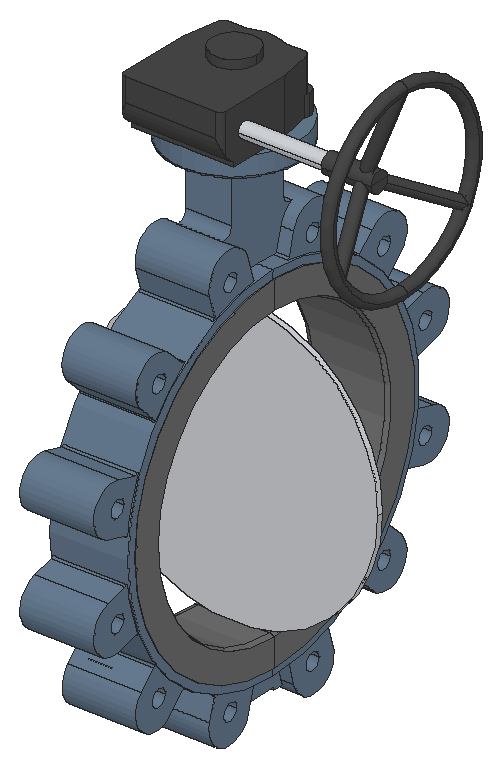
Revit family "HERZ Isolating Butterfly Valves AF-4219 with gearbox", category Rohrzubehör, Revit 2021 (continued)
Dimensions and locks
  "L03": plane 3 "Mitte (Links/rechts)" to Revolve 6 sketch curve
  "L02": Revolve 6 sketch curve to plane 3 "Mitte (Links/rechts)"
  "L03": Revolve 6 sketch curve to plane 3 "Mitte (Links/rechts)"
  "L01": plane 3 "Mitte (Links/rechts)" to Revolve 1 sketch curve
  "D02": Revolve 1 sketch curve to plane 2
  "L02": plane 3 "Mitte (Links/rechts)" to Revolve 6 sketch curve
  "D03": plane 2 to Revolve 6 sketch curve
  "L04": Revolve 6 sketch curve to plane 3 "Mitte (Links/rechts)" to Revolve 6 sketch curve
  "L01": curve 2 to plane 3 "Mitte (Links/rechts)" to curve 4
  equal spacing: curve 3, curve 6, curve 1
  equal spacing: curve 2, curve 6, curve 4
  "D01": curve 1 to plane 1 "Mitte (Vorne/hinten)" to curve 3
  "L01": curve 7 to curve 12 to curve 9
  "D01": curve 10 to curve 12 to curve 8
  "R99": radius of Revolve 2 sketch curve
  "D06": radius of Extrusion 7 sketch curve
  radius of curve 6 = 5 mm
  radius of curve 12 = 5 mm
  aligned and locked: level to plane 2
Automatic sketch dimensions
  Extrusion 3 sketch curve to Extrusion 3 sketch curve = 0 mm  (x20)
  Extrusion 3 sketch curve to level = 0 mm
  Extrusion 3 sketch curve to plane 1 "Mitte (Vorne/hinten)" = 0 mm
  plane 1 "Mitte (Vorne/hinten)" to Extrusion 3 sketch curve = 18.495 mm  (x2)
  Extrusion 3 sketch curve to Extrusion 3 sketch curve = 1.414 mm  (x16)
  Extrusion 3 sketch curve to Extrusion 3 sketch curve = 12.265 mm  (x8)
  Extrusion 3 sketch curve to level = 19.909 mm  (x2)
  Extrusion 3 sketch curve to Extrusion 3 sketch curve = 24.042 mm  (x8)
  level to Extrusion 3 sketch curve = 19.909 mm  (x2)
  Extrusion 3 sketch curve to Extrusion 3 sketch curve = 12.021 mm  (x12)
  Extrusion 3 sketch curve to plane 1 "Mitte (Vorne/hinten)" = 18.495 mm  (x2)
  Extrusion 3 sketch curve to Extrusion 3 sketch curve = 0.934 mm  (x4)
  Extrusion 4 sketch curve to level = 0 mm
  Extrusion 4 sketch curve to plane 1 "Mitte (Vorne/hinten)" = 0 mm
  plane 1 "Mitte (Vorne/hinten)" to Extrusion 4 sketch curve = 18.495 mm
  Extrusion 4 sketch curve to Extrusion 4 sketch curve = 1.414 mm  (x4)
  plane 1 "Mitte (Vorne/hinten)" to Extrusion 4 sketch curve = 20 mm
  Extrusion 4 sketch curve to Extrusion 4 sketch curve = 12.265 mm  (x2)
  Extrusion 4 sketch curve to Extrusion 4 sketch curve = 15 mm  (x2)
  Extrusion 4 sketch curve to Extrusion 4 sketch curve = 12.021 mm  (x4)
  Extrusion 4 sketch curve to plane 1 "Mitte (Vorne/hinten)" = 18.495 mm
  Extrusion 4 sketch curve to plane 1 "Mitte (Vorne/hinten)" = 20 mm
  level to Extrusion 4 sketch curve = 43.95 mm
  Extrusion 4 sketch curve to Extrusion 4 sketch curve = 0 mm
  Extrusion 4 sketch curve to Extrusion 4 sketch curve = 0.244 mm  (x2)
  Extrusion 4 sketch curve to Extrusion 4 sketch curve = 18.63 mm  (x2)
  Extrusion 4 sketch curve to Extrusion 4 sketch curve = 0.934 mm
  Extrusion 5 sketch curve to level = 0 mm
  Extrusion 5 sketch curve to plane 1 "Mitte (Vorne/hinten)" = 0 mm
  plane 1 "Mitte (Vorne/hinten)" to Extrusion 5 sketch curve = 15 mm
  Extrusion 5 sketch curve to Extrusion 5 sketch curve = 1.963 mm  (x2)
  Extrusion 5 sketch curve to Extrusion 5 sketch curve = 1.531 mm  (x2)
  Extrusion 5 sketch curve to Extrusion 5 sketch curve = 1.414 mm  (x4)
  Extrusion 5 sketch curve to Extrusion 5 sketch curve = 15.21 mm  (x2)
  Extrusion 5 sketch curve to Extrusion 5 sketch curve = 1.66 mm  (x2)
  Extrusion 5 sketch curve to Extrusion 5 sketch curve = 12.021 mm  (x3)
  Extrusion 5 sketch curve to plane 1 "Mitte (Vorne/hinten)" = 15 mm
  Extrusion 5 sketch curve to Extrusion 5 sketch curve = 1.037 mm  (x2)
  Extrusion 5 sketch curve to Extrusion 5 sketch curve = 1.4 mm  (x2)
  Extrusion 5 sketch curve to Extrusion 5 sketch curve = 1.785 mm  (x2)
  Extrusion 5 sketch curve to Extrusion 5 sketch curve = 12.635 mm  (x2)
  Extrusion 5 sketch curve to Extrusion 5 sketch curve = 0.934 mm
  Extrusion 5 sketch curve to Extrusion 5 sketch curve = 0.788 mm  (x2)
  Extrusion 5 sketch curve to Extrusion 5 sketch curve = 0 mm  (x2)
  Extrusion 4 sketch curve to Extrusion 4 sketch curve = 37.155 mm
  Extrusion 5 sketch curve to level = 43.95 mm
  Extrusion 8 sketch curve to Extrusion 8 sketch curve = 0 mm  (x12)
  Extrusion 8 sketch curve to level = 39.244 mm  (x2)
  plane 1 "Mitte (Vorne/hinten)" to Extrusion 8 sketch curve = 63.286 mm
  level to Extrusion 8 sketch curve = 39.244 mm  (x2)
  Extrusion 8 sketch curve to Extrusion 8 sketch curve = 9.19 mm  (x2)
  level to Extrusion 8 sketch curve = 28.614 mm  (x2)
  Extrusion 8 sketch curve to Extrusion 8 sketch curve = 1.441 mm  (x8)
  Extrusion 8 sketch curve to level = 28.614 mm  (x2)
  Extrusion 8 sketch curve to Extrusion 8 sketch curve = 12.021 mm  (x6)
  level to Extrusion 8 sketch curve = 63.286 mm  (x2)
  Extrusion 8 sketch curve to level = 63.286 mm  (x2)
  level to Extrusion 8 sketch curve = 52.636 mm  (x2)
  Extrusion 8 sketch curve to Extrusion 8 sketch curve = 10.65 mm  (x4)
  Extrusion 8 sketch curve to level = 52.636 mm  (x2)
  Extrusion 8 sketch curve to Extrusion 8 sketch curve = 1.414 mm  (x8)
  level to Extrusion 8 sketch curve = 0.001 mm  (x2)
  Extrusion 8 sketch curve to Extrusion 8 sketch curve = 28.594 mm
  Extrusion 8 sketch curve to level = 0.001 mm  (x2)
  Extrusion 8 sketch curve to Extrusion 8 sketch curve = 0.001 mm  (x2)
  Extrusion 8 sketch curve to Extrusion 8 sketch curve = 54.361 mm  (x2)
  Extrusion 8 sketch curve to Extrusion 8 sketch curve = 1.39 mm  (x2)
  Extrusion 8 sketch curve to Extrusion 8 sketch curve = 10.63 mm  (x2)
  Extrusion 8 sketch curve to Extrusion 8 sketch curve = 1.832 mm  (x2)
  Extrusion 9 sketch curve to Extrusion 9 sketch curve = 0 mm  (x5)
  Extrusion 9 sketch curve to level = 0 mm
  Extrusion 9 sketch curve to level = 51.265 mm
  plane 1 "Mitte (Vorne/hinten)" to Extrusion 9 sketch curve = 51.265 mm
  level to Extrusion 9 sketch curve = 51.265 mm
  Extrusion 9 sketch curve to Extrusion 9 sketch curve = 9.247 mm  (x3)
  Extrusion 9 sketch curve to level = 63.286 mm  (x2)
  Extrusion 9 sketch curve to Extrusion 9 sketch curve = 2.774 mm  (x4)
  level to Extrusion 9 sketch curve = 63.286 mm  (x2)
  Extrusion 9 sketch curve to Extrusion 9 sketch curve = 2.244 mm  (x2)
  Extrusion 9 sketch curve to Extrusion 9 sketch curve = 0.183 mm  (x2)
  level to Extrusion 9 sketch curve = 52.636 mm  (x2)
  Extrusion 9 sketch curve to Extrusion 9 sketch curve = 10.65 mm  (x3)
  Extrusion 9 sketch curve to level = 52.636 mm  (x2)
  Extrusion 9 sketch curve to Extrusion 9 sketch curve = 1.414 mm  (x8)
  Extrusion 9 sketch curve to Extrusion 9 sketch curve = 14.817 mm  (x2)
  Extrusion 9 sketch curve to Extrusion 9 sketch curve = 7.21 mm
  Extrusion 9 sketch curve to Extrusion 9 sketch curve = 1.971 mm
  Extrusion 9 sketch curve to Extrusion 9 sketch curve = 28.595 mm
  Extrusion 9 sketch curve to Extrusion 9 sketch curve = 36 mm
  Extrusion 9 sketch curve to Extrusion 9 sketch curve = 1.997 mm
  Extrusion 9 sketch curve to Extrusion 9 sketch curve = 44 mm
  Extrusion 9 sketch curve to Extrusion 9 sketch curve = 5.181 mm
  Extrusion 9 sketch curve to Extrusion 9 sketch curve = 7.184 mm
  Extrusion 9 sketch curve to Extrusion 9 sketch curve = 12.021 mm  (x2)
  Extrusion 9 sketch curve to Extrusion 9 sketch curve = 14.891 mm
  Extrusion 9 sketch curve to Extrusion 9 sketch curve = 6.473 mm
  Extrusion 9 sketch curve to Extrusion 9 sketch curve = 12.756 mm  (x2)
  Extrusion 9 sketch curve to Extrusion 9 sketch curve = 55.987 mm
  Extrusion 10 sketch curve to Extrusion 10 sketch curve = 0 mm  (x48)
  level to Extrusion 10 sketch curve = 14.909 mm  (x2)
  plane 1 "Mitte (Vorne/hinten)" to Extrusion 10 sketch curve = 80.416 mm
  Extrusion 10 sketch curve to level = 14.909 mm  (x2)
  Extrusion 10 sketch curve to Extrusion 10 sketch curve = 6.506 mm  (x6)
  Extrusion 10 sketch curve to level = 46.321 mm  (x2)
  level to Extrusion 10 sketch curve = 46.321 mm  (x2)
  Extrusion 10 sketch curve to level = 7.243 mm
  Extrusion 10 sketch curve to Extrusion 10 sketch curve = 13.321 mm
  level to Extrusion 10 sketch curve = 7.243 mm
  Extrusion 10 sketch curve to level = 9.076 mm  (x2)
  Extrusion 10 sketch curve to Extrusion 10 sketch curve = 0.759 mm  (x8)
  level to Extrusion 10 sketch curve = 9.076 mm  (x2)
  level to Extrusion 10 sketch curve = 40.487 mm  (x2)
  Extrusion 10 sketch curve to Extrusion 10 sketch curve = 14.082 mm  (x4)
  Extrusion 10 sketch curve to level = 40.487 mm  (x2)
  Extrusion 10 sketch curve to Extrusion 10 sketch curve = 0.758 mm  (x8)
  level to Extrusion 10 sketch curve = 67.405 mm  (x2)
  Extrusion 10 sketch curve to Extrusion 10 sketch curve = 6.243 mm  (x2)
  Extrusion 10 sketch curve to level = 67.405 mm  (x2)
  Extrusion 10 sketch curve to Extrusion 10 sketch curve = 10.245 mm  (x4)
  level to Extrusion 10 sketch curve = 53.322 mm  (x2)
  Extrusion 10 sketch curve to Extrusion 10 sketch curve = 1.831 mm  (x8)
  Extrusion 10 sketch curve to level = 53.322 mm  (x2)
  Extrusion 10 sketch curve to Extrusion 10 sketch curve = 15.706 mm  (x6)
  level to Extrusion 10 sketch curve = 80.416 mm  (x2)
  Extrusion 10 sketch curve to level = 80.416 mm  (x2)
  Extrusion 10 sketch curve to level = 66.335 mm  (x2)
  Extrusion 10 sketch curve to Extrusion 10 sketch curve = 5.832 mm  (x4)
  level to Extrusion 10 sketch curve = 66.335 mm  (x2)
  Extrusion 10 sketch curve to Extrusion 10 sketch curve = 1.833 mm  (x6)
  level to Extrusion 10 sketch curve = 0 mm
  Extrusion 10 sketch curve to Extrusion 10 sketch curve = 14.486 mm  (x2)
  Extrusion 10 sketch curve to Extrusion 10 sketch curve = 9.873 mm  (x2)
  Extrusion 10 sketch curve to Extrusion 10 sketch curve = 5.833 mm  (x2)
  Extrusion 10 sketch curve to Extrusion 10 sketch curve = 13.013 mm
  Extrusion 10 sketch curve to Extrusion 10 sketch curve = 14.081 mm  (x2)
  Extrusion 10 sketch curve to Extrusion 10 sketch curve = 1.973 mm  (x4)
  Extrusion 10 sketch curve to Extrusion 10 sketch curve = 1.544 mm  (x4)
  Extrusion 10 sketch curve to Extrusion 10 sketch curve = 1.243 mm  (x3)
  Extrusion 10 sketch curve to Extrusion 10 sketch curve = 0.211 mm  (x2)
  Extrusion 10 sketch curve to Extrusion 10 sketch curve = 0.002 mm  (x5)
  Extrusion 10 sketch curve to Extrusion 10 sketch curve = 0.213 mm  (x2)
  Extrusion 10 sketch curve to Extrusion 10 sketch curve = 41.076 mm
  Extrusion 10 sketch curve to level = 0 mm
  level to Extrusion 11 sketch curve = 100.814 mm
  plane 1 "Mitte (Vorne/hinten)" to Extrusion 11 sketch curve = 32 mm
  Extrusion 11 sketch curve to Extrusion 11 sketch curve = 1.385 mm
  Extrusion 11 sketch curve to Extrusion 11 sketch curve = 10 mm  (x2)
  Extrusion 11 sketch curve to level = 80.416 mm
  Extrusion 11 sketch curve to Extrusion 11 sketch curve = 15.706 mm  (x3)
  level to Extrusion 11 sketch curve = 80.416 mm  (x2)
  Extrusion 11 sketch curve to Extrusion 11 sketch curve = 1.409 mm
  Extrusion 11 sketch curve to level = 66.335 mm  (x2)
  Extrusion 11 sketch curve to Extrusion 11 sketch curve = 5.832 mm  (x3)
  level to Extrusion 11 sketch curve = 66.335 mm  (x2)
  Extrusion 11 sketch curve to Extrusion 11 sketch curve = 1.833 mm  (x4)
  level to Extrusion 11 sketch curve = 0.554 mm
  Extrusion 11 sketch curve to Extrusion 11 sketch curve = 9.076 mm
  Extrusion 11 sketch curve to level = 0.554 mm
  Extrusion 11 sketch curve to Extrusion 11 sketch curve = 0 mm  (x3)
  Extrusion 11 sketch curve to Extrusion 11 sketch curve = 14.486 mm  (x2)
  Extrusion 11 sketch curve to Extrusion 11 sketch curve = 44 mm
  Extrusion 11 sketch curve to Extrusion 11 sketch curve = 0.759 mm  (x4)
  Extrusion 11 sketch curve to Extrusion 11 sketch curve = 6.506 mm
  Extrusion 11 sketch curve to Extrusion 11 sketch curve = 42.686 mm
  Extrusion 11 sketch curve to level = 80.371 mm
  Extrusion 11 sketch curve to Extrusion 11 sketch curve = 1.39 mm
  Extrusion 11 sketch curve to Extrusion 11 sketch curve = 27 mm
  Extrusion 12 sketch curve to Extrusion 12 sketch curve = 0 mm  (x40)
  Extrusion 12 sketch curve to level = 0 mm
  level to Extrusion 12 sketch curve = 18.736 mm  (x2)
  plane 1 "Mitte (Vorne/hinten)" to Extrusion 12 sketch curve = 89.655 mm
  Extrusion 12 sketch curve to level = 18.736 mm  (x2)
  Extrusion 12 sketch curve to Extrusion 12 sketch curve = 6.506 mm  (x6)
  Extrusion 12 sketch curve to level = 50.147 mm  (x2)
  level to Extrusion 12 sketch curve = 50.147 mm  (x2)
  Extrusion 12 sketch curve to Extrusion 12 sketch curve = 13.415 mm  (x2)
  Extrusion 12 sketch curve to level = 12.858 mm  (x2)
  Extrusion 12 sketch curve to Extrusion 12 sketch curve = 0.776 mm  (x8)
  level to Extrusion 12 sketch curve = 12.858 mm  (x2)
  Extrusion 12 sketch curve to level = 44.269 mm  (x2)
  Extrusion 12 sketch curve to Extrusion 12 sketch curve = 14.192 mm  (x4)
  level to Extrusion 12 sketch curve = 44.269 mm  (x2)
  Extrusion 12 sketch curve to Extrusion 12 sketch curve = 0.775 mm  (x8)
  level to Extrusion 12 sketch curve = 76.644 mm  (x2)
  Extrusion 12 sketch curve to Extrusion 12 sketch curve = 11.529 mm  (x2)
  Extrusion 12 sketch curve to level = 76.644 mm  (x2)
  Extrusion 12 sketch curve to Extrusion 12 sketch curve = 4.008 mm  (x2)
  level to Extrusion 12 sketch curve = 62.451 mm  (x2)
  Extrusion 12 sketch curve to Extrusion 12 sketch curve = 1.871 mm  (x8)
  Extrusion 12 sketch curve to level = 62.451 mm  (x2)
  Extrusion 12 sketch curve to Extrusion 12 sketch curve = 15.706 mm  (x6)
  level to Extrusion 12 sketch curve = 89.655 mm  (x2)
  Extrusion 12 sketch curve to level = 89.655 mm  (x2)
  Extrusion 12 sketch curve to level = 75.464 mm  (x2)
  Extrusion 12 sketch curve to Extrusion 12 sketch curve = 5.878 mm  (x4)
  level to Extrusion 12 sketch curve = 75.464 mm  (x2)
  Extrusion 12 sketch curve to Extrusion 12 sketch curve = 1.873 mm  (x8)
  Extrusion 12 sketch curve to Extrusion 12 sketch curve = 21.969 mm  (x2)
  Extrusion 12 sketch curve to Extrusion 12 sketch curve = 9.827 mm  (x2)
  Extrusion 12 sketch curve to Extrusion 12 sketch curve = 5.879 mm  (x2)
  Extrusion 12 sketch curve to Extrusion 12 sketch curve = 15.537 mm  (x2)
  Extrusion 12 sketch curve to Extrusion 12 sketch curve = 13.013 mm
  Extrusion 12 sketch curve to Extrusion 12 sketch curve = 14.19 mm  (x2)
  Extrusion 12 sketch curve to Extrusion 12 sketch curve = 44.269 mm
  Extrusion 13 sketch curve to Extrusion 13 sketch curve = 0 mm  (x5)
  Extrusion 13 sketch curve to level = 0 mm
  level to Extrusion 13 sketch curve = 114.47 mm
  plane 1 "Mitte (Vorne/hinten)" to Extrusion 13 sketch curve = 41 mm
  Extrusion 13 sketch curve to level = 83.149 mm
  Extrusion 13 sketch curve to Extrusion 13 sketch curve = 6.558 mm  (x2)
  Extrusion 13 sketch curve to Extrusion 13 sketch curve = 15 mm  (x2)
  level to Extrusion 13 sketch curve = 89.655 mm  (x2)
  Extrusion 13 sketch curve to Extrusion 13 sketch curve = 15.706 mm  (x2)
  Extrusion 13 sketch curve to Extrusion 13 sketch curve = 5.236 mm  (x2)
  level to Extrusion 13 sketch curve = 75.464 mm  (x2)
  Extrusion 13 sketch curve to Extrusion 13 sketch curve = 5.878 mm  (x3)
  Extrusion 13 sketch curve to level = 75.464 mm  (x2)
  Extrusion 13 sketch curve to Extrusion 13 sketch curve = 1.873 mm  (x4)
  Extrusion 13 sketch curve to Extrusion 13 sketch curve = 12.858 mm
  Extrusion 13 sketch curve to Extrusion 13 sketch curve = 21.969 mm
  Extrusion 13 sketch curve to Extrusion 13 sketch curve = 3.345 mm
  Extrusion 13 sketch curve to Extrusion 13 sketch curve = 3 mm  (x2)
  Extrusion 13 sketch curve to Extrusion 13 sketch curve = 6.506 mm  (x3)
  Extrusion 13 sketch curve to Extrusion 13 sketch curve = 0.776 mm  (x4)
  Extrusion 13 sketch curve to Extrusion 13 sketch curve = 31.321 mm
  Extrusion 13 sketch curve to Extrusion 13 sketch curve = 52.53 mm
  Extrusion 13 sketch curve to Extrusion 13 sketch curve = 11.129 mm  (x2)
  Extrusion 13 sketch curve to Extrusion 13 sketch curve = 9.812 mm  (x2)
  Extrusion 13 sketch curve to Extrusion 13 sketch curve = 3.078 mm
  Extrusion 13 sketch curve to Extrusion 13 sketch curve = 21.68 mm
  Extrusion 13 sketch curve to Extrusion 13 sketch curve = 2.515 mm
  Extrusion 13 sketch curve to Extrusion 13 sketch curve = 52 mm
  Extrusion 14 sketch curve to Extrusion 14 sketch curve = 0 mm  (x22)
  Extrusion 14 sketch curve to level = 24.476 mm  (x2)
  plane 1 "Mitte (Vorne/hinten)" to Extrusion 14 sketch curve = 103.513 mm
  level to Extrusion 14 sketch curve = 24.476 mm  (x2)
  Extrusion 14 sketch curve to Extrusion 14 sketch curve = 6.506 mm  (x6)
  Extrusion 14 sketch curve to Extrusion 14 sketch curve = 11.623 mm  (x2)
  Extrusion 14 sketch curve to level = 19.351 mm  (x2)
  Extrusion 14 sketch curve to Extrusion 14 sketch curve = 0.749 mm  (x8)
  level to Extrusion 14 sketch curve = 19.351 mm  (x2)
  Extrusion 14 sketch curve to level = 55.888 mm  (x2)
  level to Extrusion 14 sketch curve = 55.888 mm  (x2)
  Extrusion 14 sketch curve to level = 50.783 mm  (x2)
  Extrusion 14 sketch curve to Extrusion 14 sketch curve = 12.323 mm  (x4)
  level to Extrusion 14 sketch curve = 50.783 mm  (x2)
  Extrusion 14 sketch curve to Extrusion 14 sketch curve = 0.774 mm  (x8)
  level to Extrusion 14 sketch curve = 90.502 mm  (x2)
  Extrusion 14 sketch curve to Extrusion 14 sketch curve = 21.517 mm  (x2)
  Extrusion 14 sketch curve to level = 90.502 mm  (x2)
  Extrusion 14 sketch curve to Extrusion 14 sketch curve = 3.235 mm  (x2)
  Extrusion 14 sketch curve to level = 78.179 mm  (x2)
  Extrusion 14 sketch curve to Extrusion 14 sketch curve = 1.869 mm  (x8)
  level to Extrusion 14 sketch curve = 78.179 mm  (x2)
  Extrusion 14 sketch curve to Extrusion 14 sketch curve = 15.706 mm  (x6)
  level to Extrusion 14 sketch curve = 103.513 mm  (x2)
  Extrusion 14 sketch curve to level = 103.513 mm  (x2)
  level to Extrusion 14 sketch curve = 91.141 mm  (x2)
  Extrusion 14 sketch curve to Extrusion 14 sketch curve = 5.125 mm  (x4)
  Extrusion 14 sketch curve to level = 91.141 mm  (x2)
  Extrusion 14 sketch curve to Extrusion 14 sketch curve = 1.809 mm  (x8)
  Extrusion 14 sketch curve to level = 0.103 mm  (x2)
  Extrusion 14 sketch curve to Extrusion 14 sketch curve = 90.896 mm
  level to Extrusion 14 sketch curve = 0.103 mm  (x2)
  Extrusion 14 sketch curve to Extrusion 14 sketch curve = 0.142 mm  (x7)
  Extrusion 14 sketch curve to Extrusion 14 sketch curve = 0.207 mm  (x2)
  Extrusion 14 sketch curve to Extrusion 14 sketch curve = 35.084 mm  (x2)
  Extrusion 14 sketch curve to Extrusion 14 sketch curve = 10.601 mm  (x2)
  Extrusion 14 sketch curve to Extrusion 14 sketch curve = 5.104 mm  (x2)
  Extrusion 14 sketch curve to Extrusion 14 sketch curve = 24.752 mm  (x2)
  Extrusion 14 sketch curve to Extrusion 14 sketch curve = 12.962 mm  (x2)
  Extrusion 14 sketch curve to Extrusion 14 sketch curve = 12.372 mm  (x2)
  Extrusion 14 sketch curve to level = 0.245 mm
  Extrusion 14 sketch curve to Extrusion 14 sketch curve = 1.933 mm  (x2)
  Extrusion 14 sketch curve to Extrusion 14 sketch curve = 0.314 mm  (x2)
  level to Extrusion 15 sketch curve = 97.007 mm
  plane 1 "Mitte (Vorne/hinten)" to Extrusion 15 sketch curve = 40.182 mm
  Extrusion 15 sketch curve to level = 97.007 mm
  Extrusion 15 sketch curve to Extrusion 15 sketch curve = 0 mm  (x7)
  Extrusion 15 sketch curve to Extrusion 15 sketch curve = 4.132 mm
  Extrusion 15 sketch curve to Extrusion 15 sketch curve = 10.048 mm  (x2)
  Extrusion 15 sketch curve to Extrusion 15 sketch curve = 15.706 mm  (x3)
  level to Extrusion 15 sketch curve = 103.513 mm  (x2)
  level to Extrusion 15 sketch curve = 91.141 mm  (x2)
  Extrusion 15 sketch curve to Extrusion 15 sketch curve = 5.125 mm  (x3)
  Extrusion 15 sketch curve to level = 91.141 mm  (x2)
  Extrusion 15 sketch curve to Extrusion 15 sketch curve = 1.809 mm  (x4)
  Extrusion 15 sketch curve to Extrusion 15 sketch curve = 10.974 mm  (x2)
  Extrusion 15 sketch curve to level = 0.111 mm
  Extrusion 15 sketch curve to Extrusion 15 sketch curve = 19.35 mm
  level to Extrusion 15 sketch curve = 0.111 mm
  Extrusion 15 sketch curve to Extrusion 15 sketch curve = 35.081 mm
  Extrusion 15 sketch curve to Extrusion 15 sketch curve = 4.041 mm
  Extrusion 15 sketch curve to level = 103.513 mm
  Extrusion 15 sketch curve to Extrusion 15 sketch curve = 9.998 mm  (x2)
  Extrusion 15 sketch curve to Extrusion 15 sketch curve = 3 mm
  Extrusion 15 sketch curve to Extrusion 15 sketch curve = 6.505 mm  (x2)
  Extrusion 15 sketch curve to Extrusion 15 sketch curve = 0.749 mm  (x4)
  Extrusion 15 sketch curve to Extrusion 15 sketch curve = 20.176 mm  (x2)
  Extrusion 15 sketch curve to Extrusion 15 sketch curve = 62.311 mm
  Extrusion 15 sketch curve to Extrusion 15 sketch curve = 0.048 mm
  Extrusion 15 sketch curve to Extrusion 15 sketch curve = 11.626 mm  (x2)
  Extrusion 15 sketch curve to Extrusion 15 sketch curve = 27 mm
  Extrusion 15 sketch curve to Extrusion 15 sketch curve = 52 mm
  Extrusion 16 sketch curve to Extrusion 16 sketch curve = 0 mm  (x23)
  Extrusion 16 sketch curve to level = 26.521 mm  (x2)
  plane 1 "Mitte (Vorne/hinten)" to Extrusion 16 sketch curve = 118.902 mm
  level to Extrusion 16 sketch curve = 26.521 mm  (x2)
  Extrusion 16 sketch curve to Extrusion 16 sketch curve = 8.036 mm  (x6)
  Extrusion 16 sketch curve to Extrusion 16 sketch curve = 15.875 mm  (x2)
  level to Extrusion 16 sketch curve = 65.323 mm  (x2)
  Extrusion 16 sketch curve to level = 65.323 mm  (x2)
  level to Extrusion 16 sketch curve = 19.621 mm  (x2)
  Extrusion 16 sketch curve to Extrusion 16 sketch curve = 0.782 mm  (x8)
  Extrusion 16 sketch curve to level = 19.621 mm  (x2)
  Extrusion 16 sketch curve to level = 58.409 mm  (x2)
  Extrusion 16 sketch curve to Extrusion 16 sketch curve = 16.693 mm  (x4)
  level to Extrusion 16 sketch curve = 58.409 mm  (x2)
  Extrusion 16 sketch curve to Extrusion 16 sketch curve = 0.763 mm  (x8)
  Extrusion 16 sketch curve to level = 102.829 mm  (x2)
  Extrusion 16 sketch curve to Extrusion 16 sketch curve = 20.05 mm  (x2)
  level to Extrusion 16 sketch curve = 102.829 mm  (x2)
  Extrusion 16 sketch curve to Extrusion 16 sketch curve = 5.074 mm  (x2)
  level to Extrusion 16 sketch curve = 86.136 mm  (x2)
  Extrusion 16 sketch curve to Extrusion 16 sketch curve = 1.841 mm  (x8)
  Extrusion 16 sketch curve to level = 86.136 mm  (x2)
  Extrusion 16 sketch curve to Extrusion 16 sketch curve = 19.401 mm  (x6)
  level to Extrusion 16 sketch curve = 118.902 mm  (x2)
  Extrusion 16 sketch curve to level = 118.902 mm  (x2)
  level to Extrusion 16 sketch curve = 102.246 mm  (x2)
  Extrusion 16 sketch curve to Extrusion 16 sketch curve = 6.899 mm  (x4)
  Extrusion 16 sketch curve to level = 102.246 mm  (x2)
  Extrusion 16 sketch curve to Extrusion 16 sketch curve = 1.887 mm  (x8)
  level to Extrusion 16 sketch curve = 0.002 mm  (x2)
  Extrusion 16 sketch curve to Extrusion 16 sketch curve = 86.133 mm
  Extrusion 16 sketch curve to level = 0.002 mm
  Extrusion 16 sketch curve to Extrusion 16 sketch curve = 0.001 mm  (x8)
  Extrusion 16 sketch curve to Extrusion 16 sketch curve = 35.469 mm  (x2)
  Extrusion 16 sketch curve to Extrusion 16 sketch curve = 12.487 mm  (x2)
  Extrusion 16 sketch curve to Extrusion 16 sketch curve = 6.914 mm  (x2)
  Extrusion 16 sketch curve to Extrusion 16 sketch curve = 25.124 mm  (x2)
  Extrusion 16 sketch curve to Extrusion 16 sketch curve = 16.11 mm
  Extrusion 16 sketch curve to Extrusion 16 sketch curve = 16.656 mm  (x2)
  Extrusion 16 sketch curve to level = 0.003 mm
  Extrusion 16 sketch curve to Extrusion 16 sketch curve = 2.019 mm  (x2)
  Extrusion 16 sketch curve to Extrusion 16 sketch curve = 0.309 mm  (x2)
  Extrusion 16 sketch curve to Extrusion 16 sketch curve = 0.004 mm  (x2)
  Extrusion 17 sketch curve to Extrusion 17 sketch curve = 0 mm  (x7)
  Extrusion 17 sketch curve to level = 0 mm
  Extrusion 17 sketch curve to plane 1 "Mitte (Vorne/hinten)" = 0 mm
  plane 1 "Mitte (Vorne/hinten)" to Extrusion 17 sketch curve = 13.5 mm
  plane 1 "Mitte (Vorne/hinten)" to Extrusion 17 sketch curve = 17.734 mm  (x2)
  Extrusion 17 sketch curve to Extrusion 17 sketch curve = 1.887 mm  (x4)
  plane 1 "Mitte (Vorne/hinten)" to Extrusion 17 sketch curve = 26 mm
  Extrusion 17 sketch curve to Extrusion 17 sketch curve = 0.521 mm
  Extrusion 17 sketch curve to Extrusion 17 sketch curve = 13.021 mm  (x2)
  Extrusion 17 sketch curve to Extrusion 17 sketch curve = 4.341 mm  (x2)
  Extrusion 17 sketch curve to Extrusion 17 sketch curve = 10 mm  (x2)
  Extrusion 17 sketch curve to Extrusion 17 sketch curve = 19.401 mm  (x4)
  Extrusion 17 sketch curve to plane 1 "Mitte (Vorne/hinten)" = 13.5 mm
  Extrusion 17 sketch curve to plane 1 "Mitte (Vorne/hinten)" = 17.734 mm  (x2)
  Extrusion 17 sketch curve to Extrusion 17 sketch curve = 6.899 mm
  Extrusion 17 sketch curve to level = 102.246 mm
  Extrusion 17 sketch curve to Extrusion 17 sketch curve = 0.782 mm  (x4)
  Extrusion 17 sketch curve to Extrusion 17 sketch curve = 8.62 mm  (x4)
  Extrusion 17 sketch curve to Extrusion 17 sketch curve = 16.656 mm  (x4)
  Extrusion 17 sketch curve to Extrusion 17 sketch curve = 3 mm
  level to Extrusion 17 sketch curve = 102.246 mm
  Extrusion 17 sketch curve to Extrusion 17 sketch curve = 16.098 mm  (x2)
  Extrusion 17 sketch curve to Extrusion 17 sketch curve = 64 mm
  Extrusion 17 sketch curve to Extrusion 17 sketch curve = 4.938 mm
  Extrusion 18 sketch curve to Extrusion 18 sketch curve = 0 mm  (x62)
  Extrusion 18 sketch curve to level = 0 mm
  Extrusion 18 sketch curve to level = 17.891 mm  (x2)
  plane 1 "Mitte (Vorne/hinten)" to Extrusion 18 sketch curve = 147.909 mm
  level to Extrusion 18 sketch curve = 17.891 mm  (x2)
  Extrusion 18 sketch curve to Extrusion 18 sketch curve = 5.435 mm  (x6)
  Extrusion 18 sketch curve to level = 58.46 mm  (x2)
  level to Extrusion 18 sketch curve = 58.46 mm  (x2)
  Extrusion 18 sketch curve to Extrusion 18 sketch curve = 15.462 mm  (x2)
  level to Extrusion 18 sketch curve = 13.612 mm  (x2)
  Extrusion 18 sketch curve to Extrusion 18 sketch curve = 0.509 mm  (x8)
  Extrusion 18 sketch curve to level = 13.612 mm  (x2)
  Extrusion 18 sketch curve to level = 54.199 mm  (x2)
  Extrusion 18 sketch curve to Extrusion 18 sketch curve = 15.903 mm  (x4)
  level to Extrusion 18 sketch curve = 54.199 mm  (x2)
  Extrusion 18 sketch curve to Extrusion 18 sketch curve = 0.53 mm  (x8)
  Extrusion 18 sketch curve to level = 89.449 mm  (x2)
  Extrusion 18 sketch curve to Extrusion 18 sketch curve = 1.459 mm  (x2)
  level to Extrusion 18 sketch curve = 89.449 mm  (x2)
  Extrusion 18 sketch curve to Extrusion 18 sketch curve = 10.302 mm  (x2)
  Extrusion 18 sketch curve to level = 77.758 mm  (x2)
  Extrusion 18 sketch curve to Extrusion 18 sketch curve = 1.389 mm  (x8)
  level to Extrusion 18 sketch curve = 77.758 mm  (x2)
  Extrusion 18 sketch curve to Extrusion 18 sketch curve = 14.849 mm  (x6)
  Extrusion 18 sketch curve to level = 119.147 mm  (x2)
  level to Extrusion 18 sketch curve = 119.147 mm  (x2)
  level to Extrusion 18 sketch curve = 107.506 mm  (x2)
  Extrusion 18 sketch curve to Extrusion 18 sketch curve = 11.642 mm  (x4)
  Extrusion 18 sketch curve to level = 107.506 mm  (x2)
  Extrusion 18 sketch curve to Extrusion 18 sketch curve = 1.448 mm  (x8)
  level to Extrusion 18 sketch curve = 137.039 mm  (x2)
  Extrusion 18 sketch curve to Extrusion 18 sketch curve = 17.899 mm  (x2)
  Extrusion 18 sketch curve to level = 137.039 mm  (x2)
  Extrusion 18 sketch curve to Extrusion 18 sketch curve = 2.283 mm  (x2)
  Extrusion 18 sketch curve to level = 121.136 mm  (x2)
  Extrusion 18 sketch curve to Extrusion 18 sketch curve = 1.978 mm  (x8)
  level to Extrusion 18 sketch curve = 121.136 mm  (x2)
  Extrusion 18 sketch curve to Extrusion 18 sketch curve = 20.284 mm  (x6)
  Extrusion 18 sketch curve to level = 147.909 mm  (x2)
  level to Extrusion 18 sketch curve = 147.909 mm  (x2)
  level to Extrusion 18 sketch curve = 131.939 mm  (x2)
  Extrusion 18 sketch curve to Extrusion 18 sketch curve = 4.279 mm  (x4)
  Extrusion 18 sketch curve to level = 131.939 mm  (x2)
  Extrusion 18 sketch curve to Extrusion 18 sketch curve = 1.898 mm  (x8)
  Extrusion 18 sketch curve to Extrusion 18 sketch curve = 13.612 mm
  Extrusion 18 sketch curve to Extrusion 18 sketch curve = 23.429 mm  (x2)
  Extrusion 18 sketch curve to Extrusion 18 sketch curve = 16.023 mm  (x2)
  Extrusion 18 sketch curve to Extrusion 18 sketch curve = 4.261 mm  (x2)
  Extrusion 18 sketch curve to Extrusion 18 sketch curve = 20.183 mm  (x2)
  Extrusion 18 sketch curve to Extrusion 18 sketch curve = 3.158 mm  (x2)
  Extrusion 18 sketch curve to Extrusion 18 sketch curve = 11.691 mm  (x2)
  Extrusion 18 sketch curve to Extrusion 18 sketch curve = 11.76 mm  (x2)
  Extrusion 18 sketch curve to Extrusion 18 sketch curve = 10.803 mm
  Extrusion 18 sketch curve to Extrusion 18 sketch curve = 15.97 mm  (x2)
  Extrusion 19 sketch curve to Extrusion 19 sketch curve = 0 mm  (x5)
  Extrusion 19 sketch curve to level = 0 mm
  Extrusion 19 sketch curve to level = 142.474 mm
  plane 1 "Mitte (Vorne/hinten)" to Extrusion 19 sketch curve = 38.176 mm
  level to Extrusion 19 sketch curve = 142.474 mm
  Extrusion 19 sketch curve to Extrusion 19 sketch curve = 8.163 mm
  Extrusion 19 sketch curve to Extrusion 19 sketch curve = 2.013 mm  (x2)
  Extrusion 19 sketch curve to level = 147.909 mm
  Extrusion 19 sketch curve to Extrusion 19 sketch curve = 20.284 mm  (x3)
  level to Extrusion 19 sketch curve = 147.909 mm  (x2)
  Extrusion 19 sketch curve to Extrusion 19 sketch curve = 10.109 mm
  Extrusion 19 sketch curve to level = 131.939 mm  (x2)
  Extrusion 19 sketch curve to Extrusion 19 sketch curve = 4.279 mm  (x4)
  level to Extrusion 19 sketch curve = 131.939 mm  (x2)
  Extrusion 19 sketch curve to Extrusion 19 sketch curve = 1.898 mm  (x4)
  Extrusion 19 sketch curve to Extrusion 19 sketch curve = 13.612 mm
  Extrusion 19 sketch curve to Extrusion 19 sketch curve = 23.429 mm  (x2)
  Extrusion 19 sketch curve to Extrusion 19 sketch curve = 56 mm
  Extrusion 19 sketch curve to Extrusion 19 sketch curve = 5.435 mm  (x2)
  Extrusion 19 sketch curve to Extrusion 19 sketch curve = 0.509 mm  (x4)
  Extrusion 19 sketch curve to Extrusion 19 sketch curve = 16.081 mm  (x2)
  Extrusion 19 sketch curve to Extrusion 19 sketch curve = 66.01 mm
  Extrusion 19 sketch curve to Extrusion 19 sketch curve = 1.832 mm  (x2)
  Extrusion 19 sketch curve to Extrusion 19 sketch curve = 0.173 mm
  Extrusion 20 sketch curve to level = 22.097 mm  (x2)
  plane 1 "Mitte (Vorne/hinten)" to Extrusion 20 sketch curve = 177.618 mm
  level to Extrusion 20 sketch curve = 22.097 mm  (x2)
  Extrusion 20 sketch curve to Extrusion 20 sketch curve = 0 mm  (x17)
  Extrusion 20 sketch curve to Extrusion 20 sketch curve = 6.47 mm  (x4)
  Extrusion 20 sketch curve to Extrusion 20 sketch curve = 2.415 mm  (x8)
  level to Extrusion 20 sketch curve = 70.393 mm  (x2)
  Extrusion 20 sketch curve to level = 70.393 mm  (x2)
  Extrusion 20 sketch curve to Extrusion 20 sketch curve = 18.556 mm  (x2)
  Extrusion 20 sketch curve to level = 16.983 mm  (x2)
  Extrusion 20 sketch curve to Extrusion 20 sketch curve = 0.529 mm  (x16)
  level to Extrusion 20 sketch curve = 16.983 mm  (x2)
  level to Extrusion 20 sketch curve = 65.28 mm  (x2)
  Extrusion 20 sketch curve to Extrusion 20 sketch curve = 19.085 mm  (x6)
  Extrusion 20 sketch curve to level = 65.28 mm  (x2)
  Extrusion 20 sketch curve to level = 107.956 mm  (x2)
  Extrusion 20 sketch curve to Extrusion 20 sketch curve = 2.085 mm  (x2)
  level to Extrusion 20 sketch curve = 107.956 mm  (x2)
  Extrusion 20 sketch curve to Extrusion 20 sketch curve = 12.527 mm  (x2)
  level to Extrusion 20 sketch curve = 93.984 mm  (x2)
  Extrusion 20 sketch curve to Extrusion 20 sketch curve = 1.445 mm  (x16)
  Extrusion 20 sketch curve to level = 93.984 mm  (x2)
  Extrusion 20 sketch curve to Extrusion 20 sketch curve = 17.678 mm  (x4)
  Extrusion 20 sketch curve to Extrusion 20 sketch curve = 1.768 mm  (x8)
  level to Extrusion 20 sketch curve = 143.311 mm  (x2)
  Extrusion 20 sketch curve to level = 143.311 mm  (x2)
  Extrusion 20 sketch curve to level = 129.34 mm  (x2)
  Extrusion 20 sketch curve to Extrusion 20 sketch curve = 13.971 mm  (x6)
  level to Extrusion 20 sketch curve = 129.34 mm  (x2)
  level to Extrusion 20 sketch curve = 164.981 mm  (x2)
  Extrusion 20 sketch curve to Extrusion 20 sketch curve = 22.118 mm  (x2)
  Extrusion 20 sketch curve to level = 164.981 mm  (x2)
  Extrusion 20 sketch curve to Extrusion 20 sketch curve = 3.14 mm  (x2)
  level to Extrusion 20 sketch curve = 145.897 mm  (x2)
  Extrusion 20 sketch curve to Extrusion 20 sketch curve = 1.974 mm  (x8)
  Extrusion 20 sketch curve to level = 145.897 mm  (x2)
  Extrusion 20 sketch curve to Extrusion 20 sketch curve = 24.148 mm  (x4)
  Extrusion 20 sketch curve to Extrusion 20 sketch curve = 0.647 mm  (x8)
  level to Extrusion 20 sketch curve = 177.922 mm  (x2)
  Extrusion 20 sketch curve to level = 177.922 mm  (x2)
  level to Extrusion 20 sketch curve = 158.837 mm  (x2)
  Extrusion 20 sketch curve to Extrusion 20 sketch curve = 5.114 mm  (x6)
  Extrusion 20 sketch curve to level = 158.837 mm  (x2)
  Extrusion 20 sketch curve to Extrusion 20 sketch curve = 1.973 mm  (x8)
  Extrusion 20 sketch curve to level = 0.226 mm  (x2)
  Extrusion 20 sketch curve to Extrusion 20 sketch curve = 158.098 mm
  level to Extrusion 20 sketch curve = 0.226 mm
  level to Extrusion 20 sketch curve = 0.072 mm
  Extrusion 20 sketch curve to Extrusion 20 sketch curve = 0.128 mm  (x3)
  Extrusion 20 sketch curve to level = 0.072 mm
  Extrusion 20 sketch curve to Extrusion 20 sketch curve = 0.061 mm  (x4)
  Extrusion 20 sketch curve to level = 0.036 mm  (x2)
  Extrusion 20 sketch curve to Extrusion 20 sketch curve = 0.324 mm
  Extrusion 20 sketch curve to Extrusion 20 sketch curve = 29.244 mm  (x2)
  Extrusion 20 sketch curve to Extrusion 20 sketch curve = 23.501 mm  (x2)
  Extrusion 20 sketch curve to Extrusion 20 sketch curve = 19.681 mm  (x2)
  Extrusion 20 sketch curve to Extrusion 20 sketch curve = 25.258 mm  (x2)
  Extrusion 20 sketch curve to Extrusion 20 sketch curve = 15.91 mm  (x2)
  Extrusion 20 sketch curve to Extrusion 20 sketch curve = 5.474 mm  (x2)
  Extrusion 20 sketch curve to Extrusion 20 sketch curve = 14.612 mm  (x2)
  Extrusion 20 sketch curve to Extrusion 20 sketch curve = 12.94 mm
  Extrusion 20 sketch curve to Extrusion 20 sketch curve = 4.056 mm  (x2)
  Extrusion 20 sketch curve to Extrusion 20 sketch curve = 0.035 mm  (x2)
  level to Extrusion 20 sketch curve = 0.036 mm  (x2)
  Extrusion 20 sketch curve to Extrusion 20 sketch curve = 0.154 mm
  Extrusion 20 sketch curve to Extrusion 20 sketch curve = 2.037 mm  (x4)
  Extrusion 20 sketch curve to Extrusion 20 sketch curve = 1.856 mm  (x4)
  Extrusion 20 sketch curve to Extrusion 20 sketch curve = 1.841 mm  (x4)
  Extrusion 20 sketch curve to Extrusion 20 sketch curve = 1.179 mm  (x4)
  Extrusion 20 sketch curve to Extrusion 20 sketch curve = 0.856 mm  (x4)
  Extrusion 20 sketch curve to Extrusion 20 sketch curve = 0.153 mm  (x4)
  level to Extrusion 21 sketch curve = 171.452 mm
  plane 1 "Mitte (Vorne/hinten)" to Extrusion 21 sketch curve = 45.94 mm
  Extrusion 21 sketch curve to level = 171.452 mm
  Extrusion 21 sketch curve to Extrusion 21 sketch curve = 0 mm  (x2)
  Extrusion 21 sketch curve to Extrusion 21 sketch curve = 6.907 mm
  Extrusion 21 sketch curve to Extrusion 21 sketch curve = 11.901 mm
  Extrusion 21 sketch curve to Extrusion 21 sketch curve = 1.957 mm  (x2)
  Extrusion 21 sketch curve to level = 177.922 mm  (x2)
  Extrusion 21 sketch curve to Extrusion 21 sketch curve = 17.241 mm
  level to Extrusion 21 sketch curve = 177.922 mm  (x2)
  Extrusion 21 sketch curve to Extrusion 21 sketch curve = 10.291 mm  (x2)
  Extrusion 21 sketch curve to Extrusion 21 sketch curve = 0.709 mm  (x2)
  level to Extrusion 21 sketch curve = 158.808 mm  (x2)
  Extrusion 21 sketch curve to Extrusion 21 sketch curve = 5.122 mm  (x3)
  Extrusion 21 sketch curve to level = 158.808 mm  (x2)
  Extrusion 21 sketch curve to Extrusion 21 sketch curve = 1.932 mm  (x4)
  level to Extrusion 21 sketch curve = 0.021 mm
  Extrusion 21 sketch curve to Extrusion 21 sketch curve = 16.588 mm
  Extrusion 21 sketch curve to Extrusion 21 sketch curve = 29.311 mm  (x2)
  Extrusion 21 sketch curve to Extrusion 21 sketch curve = 24.148 mm
  Extrusion 21 sketch curve to Extrusion 21 sketch curve = 17.557 mm
  Extrusion 21 sketch curve to Extrusion 21 sketch curve = 3 mm
  Extrusion 21 sketch curve to Extrusion 21 sketch curve = 6.47 mm  (x2)
  Extrusion 21 sketch curve to Extrusion 21 sketch curve = 0.518 mm  (x4)
  Extrusion 21 sketch curve to level = 0.021 mm
  Extrusion 21 sketch curve to Extrusion 21 sketch curve = 17.717 mm  (x2)
  Extrusion 21 sketch curve to Extrusion 21 sketch curve = 67.361 mm
  Extrusion 21 sketch curve to Extrusion 21 sketch curve = 0.12 mm  (x2)
  Extrusion 21 sketch curve to Extrusion 21 sketch curve = 17.951 mm
  Extrusion 21 sketch curve to Extrusion 21 sketch curve = 6.344 mm
  level to Extrusion 22 sketch curve = 28.91 mm  (x2)
  plane 1 "Mitte (Vorne/hinten)" to Extrusion 22 sketch curve = 204.485 mm
  Extrusion 22 sketch curve to level = 28.91 mm  (x2)
  Extrusion 22 sketch curve to Extrusion 22 sketch curve = 0 mm  (x9)
  Extrusion 22 sketch curve to Extrusion 22 sketch curve = 6.47 mm  (x4)
  Extrusion 22 sketch curve to Extrusion 22 sketch curve = 4.83 mm  (x8)
  Extrusion 22 sketch curve to level = 77.206 mm  (x2)
  level to Extrusion 22 sketch curve = 77.206 mm  (x2)
  Extrusion 22 sketch curve to Extrusion 22 sketch curve = 20.758 mm  (x2)
  level to Extrusion 22 sketch curve = 23.212 mm  (x2)
  Extrusion 22 sketch curve to Extrusion 22 sketch curve = 0.507 mm  (x8)
  Extrusion 22 sketch curve to level = 23.212 mm  (x2)
  Extrusion 22 sketch curve to level = 71.52 mm  (x2)
  Extrusion 22 sketch curve to Extrusion 22 sketch curve = 21.221 mm  (x4)
  level to Extrusion 22 sketch curve = 71.52 mm  (x2)
  Extrusion 22 sketch curve to Extrusion 22 sketch curve = 0.521 mm  (x8)
  level to Extrusion 22 sketch curve = 127.279 mm  (x2)
  Extrusion 22 sketch curve to Extrusion 22 sketch curve = 7.168 mm  (x2)
  Extrusion 22 sketch curve to level = 127.279 mm  (x2)
  Extrusion 22 sketch curve to Extrusion 22 sketch curve = 14.182 mm  (x2)
  Extrusion 22 sketch curve to level = 111.712 mm  (x2)
  Extrusion 22 sketch curve to Extrusion 22 sketch curve = 1.386 mm  (x8)
  level to Extrusion 22 sketch curve = 111.712 mm  (x2)
  Extrusion 22 sketch curve to Extrusion 22 sketch curve = 17.678 mm  (x4)
  Extrusion 22 sketch curve to Extrusion 22 sketch curve = 3.536 mm  (x8)
  level to Extrusion 22 sketch curve = 162.635 mm  (x2)
  Extrusion 22 sketch curve to level = 162.635 mm  (x2)
  Extrusion 22 sketch curve to level = 147.1 mm  (x2)
  Extrusion 22 sketch curve to Extrusion 22 sketch curve = 15.535 mm  (x4)
  level to Extrusion 22 sketch curve = 147.1 mm  (x2)
  Extrusion 22 sketch curve to Extrusion 22 sketch curve = 1.423 mm  (x8)
  level to Extrusion 22 sketch curve = 191.544 mm  (x2)
  Extrusion 22 sketch curve to Extrusion 22 sketch curve = 33.115 mm  (x2)
  Extrusion 22 sketch curve to level = 191.544 mm  (x2)
  Extrusion 22 sketch curve to Extrusion 22 sketch curve = 3.742 mm  (x2)
  Extrusion 22 sketch curve to level = 170.323 mm  (x2)
  Extrusion 22 sketch curve to Extrusion 22 sketch curve = 1.944 mm  (x8)
  level to Extrusion 22 sketch curve = 170.323 mm  (x2)
  Extrusion 22 sketch curve to Extrusion 22 sketch curve = 24.148 mm  (x4)
  Extrusion 22 sketch curve to Extrusion 22 sketch curve = 1.294 mm  (x8)
  Extrusion 22 sketch curve to level = 204.485 mm  (x2)
  level to Extrusion 22 sketch curve = 204.485 mm  (x2)
  level to Extrusion 22 sketch curve = 183.22 mm  (x2)
  Extrusion 22 sketch curve to Extrusion 22 sketch curve = 5.698 mm  (x4)
  Extrusion 22 sketch curve to level = 183.22 mm  (x2)
  Extrusion 22 sketch curve to Extrusion 22 sketch curve = 1.893 mm  (x8)
  Extrusion 22 sketch curve to level = 0.029 mm
  Extrusion 22 sketch curve to Extrusion 22 sketch curve = 147.001 mm
  level to Extrusion 22 sketch curve = 0.029 mm  (x2)
  Extrusion 22 sketch curve to Extrusion 22 sketch curve = 0.008 mm  (x4)
  Extrusion 22 sketch curve to Extrusion 22 sketch curve = 0.029 mm  (x4)
  Extrusion 22 sketch curve to Extrusion 22 sketch curve = 0.057 mm  (x4)
  Extrusion 22 sketch curve to Extrusion 22 sketch curve = 42.638 mm  (x2)
  Extrusion 22 sketch curve to Extrusion 22 sketch curve = 22.854 mm  (x2)
  Extrusion 22 sketch curve to Extrusion 22 sketch curve = 19.756 mm  (x2)
  Extrusion 22 sketch curve to Extrusion 22 sketch curve = 5.686 mm  (x2)
  Extrusion 22 sketch curve to Extrusion 22 sketch curve = 36.857 mm  (x2)
  Extrusion 22 sketch curve to Extrusion 22 sketch curve = 14.142 mm  (x2)
  Extrusion 22 sketch curve to Extrusion 22 sketch curve = 5.646 mm  (x2)
  Extrusion 22 sketch curve to Extrusion 22 sketch curve = 15.567 mm  (x2)
  Extrusion 22 sketch curve to Extrusion 22 sketch curve = 21.349 mm  (x2)
  Extrusion 22 sketch curve to Extrusion 22 sketch curve = 12.897 mm
  Extrusion 22 sketch curve to Extrusion 22 sketch curve = 1.641 mm  (x2)
  Extrusion 22 sketch curve to Extrusion 22 sketch curve = 21.266 mm  (x2)
  Extrusion 22 sketch curve to level = 0.066 mm
  Extrusion 22 sketch curve to Extrusion 22 sketch curve = 0.037 mm
  Extrusion 22 sketch curve to Extrusion 22 sketch curve = 0.014 mm  (x4)
  Extrusion 22 sketch curve to Extrusion 22 sketch curve = 0.023 mm  (x3)
  Extrusion 22 sketch curve to Extrusion 22 sketch curve = 1.959 mm  (x2)
  Extrusion 22 sketch curve to Extrusion 22 sketch curve = 1.725 mm  (x2)
  Extrusion 23 sketch curve to Extrusion 23 sketch curve = 0 mm  (x4)
  Extrusion 23 sketch curve to level = 0 mm
  level to Extrusion 23 sketch curve = 198.015 mm
  plane 1 "Mitte (Vorne/hinten)" to Extrusion 23 sketch curve = 53.058 mm
  Extrusion 23 sketch curve to Extrusion 23 sketch curve = 11.058 mm
  Extrusion 23 sketch curve to Extrusion 23 sketch curve = 10 mm  (x2)
  Extrusion 23 sketch curve to Extrusion 23 sketch curve = 21.696 mm
  Extrusion 23 sketch curve to level = 204.485 mm
  Extrusion 23 sketch curve to Extrusion 23 sketch curve = 2.452 mm  (x2)
  level to Extrusion 23 sketch curve = 204.485 mm  (x2)
  Extrusion 23 sketch curve to Extrusion 23 sketch curve = 24.148 mm  (x3)
  Extrusion 23 sketch curve to level = 183.22 mm  (x2)
  Extrusion 23 sketch curve to Extrusion 23 sketch curve = 5.698 mm  (x3)
  level to Extrusion 23 sketch curve = 183.22 mm  (x2)
  Extrusion 23 sketch curve to Extrusion 23 sketch curve = 1.893 mm  (x4)
  Extrusion 23 sketch curve to Extrusion 23 sketch curve = 7.91 mm  (x2)
  Extrusion 23 sketch curve to Extrusion 23 sketch curve = 23.212 mm
  Extrusion 23 sketch curve to Extrusion 23 sketch curve = 42 mm
  Extrusion 23 sketch curve to Extrusion 23 sketch curve = 42.638 mm
  Extrusion 23 sketch curve to Extrusion 23 sketch curve = 0.319 mm
  Extrusion 23 sketch curve to Extrusion 23 sketch curve = 64 mm
  Extrusion 23 sketch curve to Extrusion 23 sketch curve = 2.951 mm
  Extrusion 23 sketch curve to Extrusion 23 sketch curve = 3 mm  (x2)
  Extrusion 23 sketch curve to Extrusion 23 sketch curve = 12.421 mm
  Extrusion 23 sketch curve to Extrusion 23 sketch curve = 0.507 mm  (x4)
  Extrusion 23 sketch curve to Extrusion 23 sketch curve = 6.47 mm
  Extrusion 23 sketch curve to Extrusion 23 sketch curve = 26.515 mm  (x2)
  Extrusion 23 sketch curve to Extrusion 23 sketch curve = 57 mm
  Extrusion 23 sketch curve to Extrusion 23 sketch curve = 0.014 mm  (x2)
  curve 12 to level = 0 mm
  curve 12 to plane 3 "Mitte (Links/rechts)" = 0 mm
  Revolve 1 sketch curve to level = 0 mm
  Revolve 1 sketch curve to Revolve 1 sketch curve = 1330.49 mm
  Revolve 1 sketch curve to Revolve 1 sketch curve = 1877.483 mm
  Revolve 2 sketch curve to plane 3 "Mitte (Links/rechts)" = 0 mm  (x2)
  Revolve 2 sketch curve to Revolve 2 sketch curve = 0.333 mm
  Revolve 2 sketch curve to level = 366.045 mm
  Revolve 2 sketch curve to Revolve 2 sketch curve = 2089.315 mm
  Revolve 6 sketch curve to level = 0 mm
  Revolve 6 sketch curve to Revolve 6 sketch curve = 1463.783 mm
  Revolve 6 sketch curve to Revolve 6 sketch curve = 1741.775 mm
  Extrusion 7 sketch curve to level = 0 mm
  Extrusion 7 sketch curve to plane 3 "Mitte (Links/rechts)" = 0 mm
  radius of Extrusion 3 sketch curve = 6.92 mm  (x4)
  radius of Extrusion 8 sketch curve = 6.92 mm  (x4)
  radius of Extrusion 10 sketch curve = 6.92 mm  (x8)
  radius of Extrusion 12 sketch curve = 6.92 mm  (x8)
  radius of Extrusion 14 sketch curve = 6.92 mm  (x8)
  radius of Extrusion 16 sketch curve = 8.645 mm  (x8)
  radius of Extrusion 18 sketch curve = 8.645 mm  (x12)
  radius of Extrusion 20 sketch curve = 8.645 mm  (x12)
  radius of Extrusion 22 sketch curve = 8.645 mm  (x12)
Nested families
  nested 1: "Herz-Logo-vorne" at (-15, 0, 92), visible <- "DN50", type "Herz-Logo-vorne", detail levels fine
  nested 2: "Herz-Logo-vorne" at (-18, 0, 116.5), visible <- "DN65", type "Herz-Logo-vorne", detail levels fine
  nested 3: "Herz-Logo-vorne" at (-18.5, 0, 123.5), visible <- "DN80", type "Herz-Logo-vorne", detail levels fine
  nested 4: "Herz-Logo-vorne" at (-18, 0, 147), visible <- "DN100", type "Herz-Logo-vorne", detail levels fine
  nested 5: "Herz-Logo-vorne" at (-18, 0, 166), visible <- "DN125", type "Herz-Logo-vorne", detail levels fine
  nested 6: "Herz-Logo-vorne" at (-18, 0, 179), visible <- "DN150", type "Herz-Logo-vorne", detail levels fine
  nested 7: "Herz-Logo-vorne" at (-20, 0, 210), visible <- "DN200", type "Herz-Logo-vorne", detail levels fine
  nested 8: "Herz-Logo-vorne" at (-23, 0, 243), visible <- "DN250", type "Herz-Logo-vorne", detail levels fine
  nested 9: "Herz-Logo-vorne" at (-23, 0, 268), visible <- "DN300", type "Herz-Logo-vorne", detail levels fine
  nested 10: "Getriebe für Klappe DN50-DN200" at (0, 0, 125), visible <- "DN50", type "Getriebe für Klappe DN50-DN200"
  nested 11: "Getriebe für Klappe DN50-DN200" at (0, 0, 149.5), visible <- "DN65", type "Getriebe für Klappe DN50-DN200"
  nested 12: "Getriebe für Klappe DN50-DN200" at (0, 0, 156.5), visible <- "DN80", type "Getriebe für Klappe DN50-DN200"
  nested 13: "Getriebe für Klappe DN50-DN200" at (0, 0, 182), visible <- "DN100", type "Getriebe für Klappe DN50-DN200"
  nested 14: "Getriebe für Klappe DN50-DN200" at (0, 0, 201), visible <- "DN125", type "Getriebe für Klappe DN50-DN200"
  nested 15: "Getriebe für Klappe DN50-DN200" at (0, 0, 214), visible <- "DN150", type "Getriebe für Klappe DN50-DN200"
  nested 16: "Getriebe für Klappe DN50-DN200" at (0, 0, 245), visible <- "DN200", type "Getriebe für Klappe DN50-DN200"
  nested 17: "Getriebe für Klappe DN250-DN300" at (0, 0, 283), visible <- "DN250", type "Getriebe für Klappe DN250-DN300"
  nested 18: "Getriebe für Klappe DN250-DN300" at (0, 0, 308), visible <- "DN300", type "Getriebe für Klappe DN250-DN300"
Connectors
  piping at (-40.5, 0, 0), diameter 300, driven by "Nennweite"
    settings: on Revolve 6, index 1, connector inside diameter 609.6 mm, connector length 0 mm, flow factor 0, pipe flow 0.0 L/s, pressure drop 0.0 Pa, fitting loss kfactor 0, connector angle 0.00°, fixture units 0, engagement length 0 mm, angle of deflection 0.00°, flow configuration 0, flow direction 0, fitting loss method 0, system type 29, joint type 0, gender type 0, connector reference index -1, connector utility 0, adjustable connector no, is connector primary yes, connector description ""
  piping at (40.5, 0, 0), diameter 300, driven by "Nennweite"
    settings: on Revolve 6, index 2, connector inside diameter 609.6 mm, connector length 0 mm, flow factor 0, pipe flow 0.0 L/s, pressure drop 0.0 Pa, fitting loss kfactor 0, connector angle 0.00°, fixture units 0, engagement length 0 mm, angle of deflection 0.00°, flow configuration 0, flow direction 0, fitting loss method 0, system type 29, joint type 0, gender type 0, connector reference index -1, connector utility 0, adjustable connector no, is connector primary no, connector description ""
Definition of nested family "Herz-Logo-vorne"
  Parameters (values of type "Herz-Logo-vorne")
    Default Elevation = 0 mm
  Reference planes
    plane 1 "Mitte (Vorne/hinten)": y = 0
    plane 2: z = 0
    plane 3 "Mitte (Links/rechts)": x = 0
  Forms (mm)
    Extrusion 1, solid
      sketch origin (0.732, -0.018, 0.017) x (0, -1, 0) y (0, 0, 1)
        loop
          line (-0.018, -4.517) -> (4.482, -4.517) -> (4.482, 4.483) -> (-4.518, 4.483) -> (-4.518, -4.517) -> (-0.018, -4.517)
        loop
          line (-0.05, -3.48) -> (3.482, -3.48) -> (3.482, 3.483) -> (-3.518, 3.483) -> (-3.518, -3.48) -> (-0.05, -3.48)
        loop
          arc (-0.018, 2.383) -> (-1.543, 3.287) -> (-3.067, 2.383) r 1.738
          arc (-3.067, 2.383) -> (-3.191, 1.899) -> (-3.067, 1.415) r 1.009
          line (-3.067, 1.415) -> (-0.018, -3.281) -> (3.032, 1.415)
          arc (3.032, 1.415) -> (3.156, 1.899) -> (3.032, 2.383) r 1.009
          arc (3.032, 2.383) -> (1.507, 3.287) -> (-0.018, 2.383) r 1.738
        loop
          arc (1.885, 1.272) -> (2.005, 1.675) -> (1.885, 2.079) r 0.74
          arc (1.885, 2.079) -> (1.265, 2.416) -> (0.644, 2.079) r 0.74
          line (0.644, 2.079) -> (-0.018, 0.97) -> (-0.679, 2.079)
          arc (-0.679, 2.079) -> (-1.3, 2.416) -> (-1.921, 2.079) r 0.74
          arc (-1.921, 2.079) -> (-2.04, 1.675) -> (-1.921, 1.272) r 0.74
          line (-1.921, 1.272) -> (-0.018, -1.658) -> (1.885, 1.272)
      from 0 to 1.5
  Dimensions and locks
    aligned and locked: level to plane 2
Definition of nested family "Getriebe für Klappe DN50-DN200"
  Parameters (values of type "Getriebe für Klappe DN50-DN200")
    W01 = 11.19°  # constant formula
    Default Elevation = 0 mm
    URL = "www.herz-armaturen.at"
    R07 = 92 mm  # constant formula
    R06 = 6 mm  # constant formula
    R05 = 10 mm  # constant formula
    R04 = 7.5 mm  # constant formula
    R03 = 10.5 mm  # constant formula
    R02 = 5.4 mm  # constant formula
    R01 = 44.9 mm  # constant formula
    M01 = 37 mm  # constant formula
    L03 = 52 mm  # constant formula
    L02 = 39.6 mm  # constant formula
    L01 = 80 mm  # constant formula
    Manufacturer = "Herz-Armaturen GmbH"  # constant formula
    H03 = 28.6 mm  # constant formula
    H02 = 20 mm  # constant formula
    H01 = 54 mm  # constant formula
    B05 = 209 mm  # constant formula
    B04 = 22 mm  # constant formula
    B03 = 50 mm  # constant formula
    B02 = 159 mm  # constant formula
    B01 = 51 mm  # constant formula
    A01 = 28.6 mm  # constant formula
  Reference planes
    plane 1 "Mitte (Vorne/hinten)": y = 0
    plane 2: z = 0
    plane 3 "Mitte (Links/rechts)": x = 0
  Forms (mm)
    Extrusion 1, solid, detail levels fine
      sketch origin (0, 0, 0) x (1, 0, 0) y (0, 1, 0)
        loop
          line (51, 0) -> (43.999, 35.392)
          arc (43.999, 35.392) -> (42.103, 38.419) -> (38.732, 39.6) r 5.4
          line (38.732, 39.6) -> (20.252, 39.6)
          arc (20.252, 39.6) -> (0, 44.427) -> (-20.252, 39.6) r 44.9
          line (-20.252, 39.6) -> (-38.732, 39.6)
          arc (-38.732, 39.6) -> (-42.103, 38.419) -> (-43.999, 35.392) r 5.4
          line (-43.999, 35.392) -> (-51, 0) -> (-51, -74.6)
          arc (-51, -74.6) -> (-49.418, -78.418) -> (-45.6, -80) r 5.4
          line (-45.6, -80) -> (45.6, -80)
          arc (45.6, -80) -> (49.418, -78.418) -> (51, -74.6) r 5.4
          line (51, -74.6) -> (51, 0)
      from 0 to 54
    Extrusion 2, solid, detail levels fine
      sketch origin (0, 0, 0) x (1, 0, 0) y (0, 1, 0)
        loop
          circle (-35.7, 37) r 10.5
        loop
          circle (35.7, 37) r 10.5
      from 0 to 20
    Extrusion 3, void
      sketch origin (0, 0, 0) x (0, 1, 0) y (0, 0, 1)
        loop
          line (-80, 0) -> (-64.573, 0) -> (-64.573, 4.9)
          arc (-64.573, 4.9) -> (-75.841, 15.433) -> (-80, 30.286) r 28.6
          line (-80, 30.286) -> (-80, 0)
      from -51 to 51
    Revolve 4, solid, detail levels fine
      sketch origin (0, 0, 28.6) x (1, 0, 0) y (0, 1, 0)
        loop
          line (0, -52) -> (0, -59.5) -> (159, -59.5) -> (159, -52) -> (0, -52)
        axis (0, -52) -> (159, -52)
      angle from 0 to 360
    Extrusion 5, solid, detail levels fine
      sketch origin (0, 0, 0) x (1, 0, 0) y (0, 1, 0)
        loop
          circle (0, 0) r 22.3
      from 54 to 63
    Revolve 6, solid, detail levels fine
      sketch origin (0, -52, 28.6) x (1, 0, 0) y (0, 0, 1)
        loop
          circle (209, 92) r 6
        axis (203, 0) -> (215, 0)
      angle from 0 to 360
    Revolve 7, solid, detail levels fine
      sketch origin (0, -52, 0) x (1, 0, 0) y (0, 0, 1)
        loop
          line (209, 120.6) -> (172, 28.6) -> (177.567, 26.361) -> (214.567, 118.361) -> (209, 120.6)
        axis (172, 28.6) -> (209, 120.6)
      angle from 0 to 360
    Revolve 8, solid, detail levels fine
      sketch origin (0, 0, 28.6) x (1, 0, 0) y (0, 1, 0)
        loop
          line (137, -59.5) -> (137, -62) -> (187, -62) -> (187, -52) -> (159, -52) -> (159, -59.5) -> (137, -59.5)
        axis (137, -52) -> (187, -52)
      angle from 0 to 360
    Revolve 9, solid, detail levels fine
      sketch origin (0, -27.232, 42.9) x (1, 0, 0) y (0, -0.866025, -0.5)
        loop
          line (209, 120.6) -> (172, 28.6) -> (177.567, 26.361) -> (214.567, 118.361) -> (209, 120.6)
        axis (172, 28.6) -> (209, 120.6)
      angle from 0 to 360
    Revolve 10, solid, detail levels fine
      sketch origin (0, -76.768, 42.9) x (1, 0, 0) y (0, 0.866025, -0.5)
        loop
          line (209, 120.6) -> (172, 28.6) -> (177.567, 26.361) -> (214.567, 118.361) -> (209, 120.6)
        axis (172, 28.6) -> (209, 120.6)
      angle from 0 to 360
  Cuts and joins
    Extrusion 3 cuts Extrusion 1
  Dimensions and locks
    "B01": Extrusion 1 sketch curve to plane 3 "Mitte (Links/rechts)"
    "B01": plane 3 "Mitte (Links/rechts)" to Extrusion 1 sketch curve
    "L02": plane 1 "Mitte (Vorne/hinten)" to Extrusion 1 sketch curve  (x2)
    "L01": Extrusion 1 sketch curve to plane 1 "Mitte (Vorne/hinten)"
    "M01": plane 1 "Mitte (Vorne/hinten)" to Extrusion 2 sketch curve  (x2)
    "H01": Extrusion 1 to plane 2
    "H02": Extrusion 2 to plane 2
    "L03": Revolve 4 sketch curve to plane 1 "Mitte (Vorne/hinten)"
    "R04": Revolve 4 sketch curve to Revolve 4 sketch curve
    "B02": Revolve 4 sketch curve to Revolve 4 sketch curve
    "H03": Revolve 8 to plane 2
    "H03": Revolve 4 to plane 2
    "L03": Revolve 8 sketch curve to plane 1 "Mitte (Vorne/hinten)"
    "B02": plane 3 "Mitte (Links/rechts)" to Revolve 8 sketch curve
    "R05": Revolve 8 sketch curve to Revolve 8 sketch curve
    "B03": Revolve 8 sketch curve to Revolve 8 sketch curve
    "B04": Revolve 8 sketch curve to Revolve 8 sketch curve
    "R04": Revolve 8 sketch curve to Revolve 8 sketch curve
    "B05": Revolve 6 sketch curve to plane 3 "Mitte (Links/rechts)"
    "R07": Revolve 6 sketch curve to Revolve 6 sketch curve
    "A01": plane 2 to Revolve 6 sketch curve
    "R02": radius of Extrusion 1 sketch curve  (x4)
    "R01": radius of Extrusion 1 sketch curve
    "R03": radius of Extrusion 2 sketch curve  (x2)
    "R06": radius of Revolve 6 sketch curve
